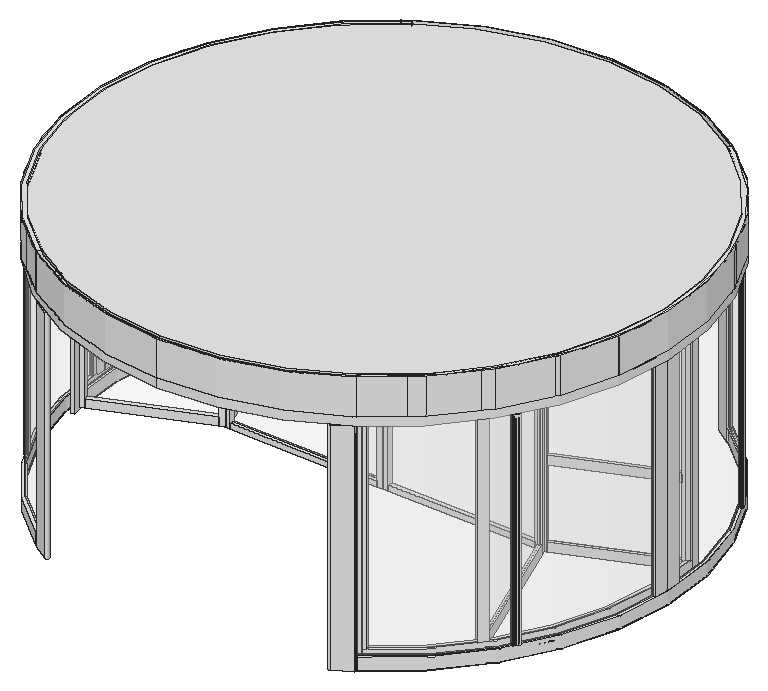
Revit family "Assa-Abloy_ Revolving_UniTurn", category Doors, host Wall, Revit 2019
Family settings
  Host = Wall
  OmniClass Number = 23.30.10.00
  OmniClass Title = Doors
  Always vertical = Yes
  Cut with Voids When Loaded = No
  Shared = No
  Room Calculation Point = No
Parameters (values of type "UniTurn 18'")
  Youtube clip = ""
  Weight Net (Kg) = "0"
  URL = "www.assaabloyentrance.us"
  UNSPSC Code = "301715"
  Top Height Calc [instance] = if(Adjustable Top Height > 1' 1 3/8", if(Adjustable Top Height < 4' 1 7/32", Adjustable Top Height, 4' 1 7/32"), 1' 1 3/8")  # 1' - 1 1/2"
  Ref line width [instance] = (TW + 1' 1 3/8") / 2  # 4' - 11 13/16"
  Product name = "Besam Revolving Doors UniTurn"
  NBS Reference Code = "25-30-20-70"
  Model = "UniTurn"
  Material secondary = "Glass"
  Material main = "Aluminium"
  Manufacturer name = "Besam"
  Manufacturer = "ASSA ABLOY Entrance Systems"
  Frame angle = 31.25°
  Radius 4 = Radius 3 + 0' 0 1/16"  # 8' - 11 25/32"
  EAN code = ""
  Distance 1 = Radius 1 - 0' 0 1/16"  # 8' - 10 3/32"
  Width (mm) = 0' - 0"
  WarrantyStartDate = ""
  WarrantyDuration = ""
  Uniclass 2.0 Description = "Revolving Doorset Systems"
  Uniclass 2.0 Code = "SS-25-30-20-70"
  Uniclass 1.4 Description = "Doors"
  Uniclass 1.4 Code = "L411"
  UNSPSC Category = ""
  TypeName = ""
  Technical description = ""
  TagNumber = ""
  TW = 8' - 10 1/4"
  Size = ""
  SerialNumber = ""
  Door Opening Angle [instance] = 0.00°
  Door Open [instance] = yes
  Distance = 0' - 6 11/16"
  Disclaimer = "Consult product specification for sensors to comply with ANSI A156.27."
  Deep Tight Rail [instance] = no
  Deep Bottom Rail [instance] = not(Deep Tight Rail)  # yes
  DOA [instance] = 0.00°
  Rotation Angle [instance] = if(Door Open, 0.00°, -67.50°)  # 0.00°
  Radius 1 = Radius 3 - 0' 1 9/16"  # 8' - 10 5/32"
  Product group = "Besam Large 2-wing UniTurn"
  Product family = "Automatic Revolving Doors"
  Product SKU = "UNI"
  Omniclass = ""
  NominalWidth = ""
  NominalHeight = ""
  Name of the object = "UniTurn"
  NBS Reference Description = "Revolving Doorset Systems"
  Material = ""
  Manufacturer country = "Czech Republic"
  Manufacturer URL = ""
  InstallationDate = ""
  Installation instructions = ""
  IFC Classification = "Door"
  Height (mm) = 0' - 0"
  Grade = ""
  Finish = ""
  Features = ""
  Extidentifier = ""
  Edition number = "1"
  Door Glass Material [instance] = Besam-Glass Clear
  Door Frame Material [instance] = Besam-Anodized Aluminium
  Design country = "Sweden"
  Depth (mm) = 0' - 0"
  Date of publishing = "3/28/2014"
  Function = Exterior
  Height [instance] = if(Adjustable Height > 6' 6 3/4", if(Adjustable Height < 8' 6 3/8", Adjustable Height, 8' 6 3/8"), 6' 6 3/4")  # 7' - 2 1/2"
  Wall Closure = By host
  Width = 17' - 11 3/4"
  Radius 2 = Radius 3 + 0' 0 1/8"  # 8' - 11 27/32"
  Radius 3 = (Width - 0' 0 5/16") / 2  # 8' - 11 23/32"
  DR Distance [instance] = Radius 1 - 0' 3.93701"  # 8' - 6.21924"
  Created on = ""
  Created by = ""
  Construction Type = "Automatic Revolving Door"
  ConnectionType = ""
  Colour = ""
  COBIe Type Category = ""
  Barcode = ""
  BIMobject category = "Doors"
  AssetIdentifier = ""
  Analytic Construction = "<None>"
  Adjustable Top Height [instance] = 1' - 1 1/2"
  Adjustable Height [instance] = 7' - 2 1/2"
  AccessibilityPerformance = ""
Reference planes
  plane 1: y = 0
  plane 2 "Center (Left/Right)": x = 0
  plane 3 "Left": x = -2740.025
  plane 4 "Right": x = 2740.025
  plane 5: z = 2540
  plane 6 "Exterior": y = 24.05
  plane 7 "Interior": y = -24.05
  plane 8: x = -1349.375
  plane 9: x = 1349.375
  plane 10: x = -1519.238
  plane 11: x = 1519.237
  plane 12: z = 2197.1
  plane 13: z = 2117.1
  plane 14: z = 52
  plane 15: z = 800
Forms (mm)
  Sweep 1, solid, material "Besam-Anodized Aluminium" <- "Door Frame Material"
    path origin (0, 0, 0) x (1, 0, 0) y (0, 1, 0)
      loop
        arc (-1519.238, 2227.627) -> (-2696.369, 0) -> (-1519.238, -2227.627) r 2696.369
    profile origin (-2696.369, 0, 0) x (1, 0, 0) y (0, 0, 1)
      loop
        line (0, 7.975) -> (0, 124.377) -> (-8.5, 124.377) -> (-8.5, 111.495) -> (-14.621, 111.455) -> (-14.621, 124.377) -> (-39.502, 124.377)
        arc (-39.502, 124.377) -> (-39.854, 124.231) -> (-40, 123.879) r 0.498
        line (-40, 123.879) -> (-40, 4.975) -> (-33.93, 4.975) -> (-33.93, 2.985)
        arc (-33.93, 2.985) -> (-33.733, 2.39) -> (-33.219, 2.031) r 0.995
        line (-33.219, 2.031) -> (-33.219, 0) -> (-7.025, 0) -> (-7.025, 1.912)
        arc (-7.025, 1.912) -> (-6.342, 2.194) -> (-6.06, 2.877) r 0.965
        line (-6.06, 2.877) -> (-6.06, 4.975) -> (-4, 4.975) -> (-4, 7.975) -> (0, 7.975)
  Sweep 2, solid, material "Besam-Glass Clear" <- "Door Glass Material"
    path origin (0, 0, 0) x (1, 0, 0) y (0, 1, 0)
      loop
        arc (-1516.49, 2229.499) -> (-2696.369, 0) -> (-1516.49, -2229.499) r 2696.369
    profile origin (-2696.369, 0, 0) x (1, 0, 0) y (0, 0, 1)
      loop
        line (-17.986, 111.455) -> (-8.486, 111.455) -> (-8.486, 2132.1) -> (-17.986, 2132.1) -> (-17.986, 111.455)
  Extrusion 3, solid, material "Besam-Anodized Aluminium" <- "Door Frame Material"
    sketch origin (0, 0, 2540) x (0, -1, 0) y (-1, 0, 0)
      loop
        circle (0, 0) r 2739.231
      loop
        circle (0, 0) r 2737.644
    from 0 to 342.9
  Sweep 4, solid, material "Besam-Anodized Aluminium" <- "Door Frame Material"
    path in 3D
      loop
        arc (-1519.238, 2227.627, 124.377) -> (-2696.369, 0, 124.377) -> (-1519.238, -2227.627, 124.377) r 2696.369
    profile origin (-2696.369, 0, 124.377) x (0, 0, -1) y (1, 0, 0)
      loop
        line (-2415.623, -43.656) -> (-2072.723, -43.656) -> (-2072.723, 11) -> (-2152.723, 11) -> (-2152.723, 165) -> (-2177.723, 165) -> (-2177.723, 105) -> (-2334.912, 105) -> (-2334.912, 165) -> (-2359.912, 165) -> (-2359.912, 15) -> (-2399.515, 15) -> (-2399.515, -0.028) -> (-2415.623, -0.028) -> (-2415.623, -43.656)
  Sweep 5, solid, material "Besam-Anodized Aluminium" <- "Door Frame Material"
    path origin (0, 0, 0) x (-1, 0, 0) y (0, 1, 0)
      loop
        arc (-1519.238, 2227.627) -> (-2696.369, 0) -> (-1519.237, -2227.627) r 2696.369
    profile origin (2696.369, 0, 0) x (1, 0, 0) y (0, 0, 1)
      loop
        line (0, 7.975) -> (4, 7.975) -> (4, 4.975) -> (6.06, 4.975) -> (6.06, 2.877)
        arc (6.06, 2.877) -> (6.342, 2.194) -> (7.025, 1.912) r 0.965
        line (7.025, 1.912) -> (7.025, 0) -> (33.219, 0) -> (33.219, 2.031)
        arc (33.219, 2.031) -> (33.733, 2.39) -> (33.93, 2.985) r 0.995
        line (33.93, 2.985) -> (33.93, 4.975) -> (40, 4.975) -> (40, 123.879)
        arc (40, 123.879) -> (39.854, 124.231) -> (39.502, 124.377) r 0.498
        line (39.502, 124.377) -> (14.621, 124.377) -> (14.621, 111.455) -> (8.5, 111.495) -> (8.5, 124.377) -> (0, 124.377) -> (0, 7.975)
  Sweep 6, solid, material "Besam-Glass Clear" <- "Door Glass Material"
    path origin (0, 0, 0) x (-1, 0, 0) y (0, 1, 0)
      loop
        arc (-1519.238, 2227.627) -> (-2696.369, 0) -> (-1519.237, -2227.627) r 2696.369
    profile origin (2696.369, 0, 0) x (1, 0, 0) y (0, 0, 1)
      loop
        line (18, 111.495) -> (18, 2132.1) -> (8.5, 2132.1) -> (8.5, 111.495) -> (18, 111.495)
  Extrusion 7, solid, material "Besam-Anodized Aluminium" <- "Door Frame Material"
    sketch origin (0, 0, 2540) x (0, -1, 0) y (-1, 0, 0)
      loop
        circle (0, 0) r 2694.781
    from 16 to 0
  Extrusion 8, solid, material "Besam-Anodized Aluminium" <- "Door Frame Material"
    sketch origin (0, 0, 2540) x (0, -1, 0) y (-1, 0, 0)
      loop
        circle (0, 0) r 2694.781
    from 316.9 to 342.9
  Sweep 9, solid, material "Besam-Anodized Aluminium" <- "Door Frame Material"
    path origin (0, 0, 0) x (-0.866025, 0.5, 0) y (0, 0, 1)
      loop
        line (2696.369, 124.377) -> (2696.369, 2117.1)
    profile origin (-2335.124, 1348.184, 1120.738) x (0.866025, -0.5, 0) y (0.5, 0.866025, 0)
      loop
        arc (-31.996, 2.248) -> (-31.71, 2.821) -> (-31.83, 3.451) r 1
        line (-31.83, 3.451) -> (-32.868, 5.285) -> (-34.981, 5.303)
        arc (-34.981, 5.303) -> (-37.094, 6.2) -> (-37.955, 8.329) r 3
        line (-37.955, 8.329) -> (-37.806, 25.329)
        arc (-37.806, 25.329) -> (-36.041, 27.063) -> (-34.306, 25.298) r 1.75
        arc (-34.306, 25.298) -> (-34.002, 23.632) -> (-33.103, 22.196) r 4.5
        arc (-33.103, 22.196) -> (-32.278, 21.881) -> (-31.525, 22.342) r 1
        arc (-31.525, 22.342) -> (-31.46, 22.861) -> (-31.781, 23.274) r 0.683
        arc (-31.781, 23.274) -> (-32.116, 23.676) -> (-32.371, 24.134) r 2.8
        arc (-32.371, 24.134) -> (-32.063, 26.917) -> (-29.499, 28.042) r 2.8
        arc (-29.499, 28.042) -> (-27.369, 26.637) -> (-27.263, 24.088) r 2.8
        arc (-27.263, 24.088) -> (-27.527, 23.633) -> (-27.872, 23.235) r 2.8
        arc (-27.872, 23.235) -> (-28.208, 22.849) -> (-28.155, 22.34) r 0.641
        arc (-28.155, 22.34) -> (-27.41, 21.84) -> (-26.564, 22.139) r 1
        arc (-26.564, 22.139) -> (-25.64, 23.559) -> (-25.307, 25.22) r 4.5
        line (-25.307, 25.22) -> (-25.296, 26.42)
        arc (-25.296, 26.42) -> (-24.698, 27.829) -> (-23.279, 28.402) r 2
        line (-23.279, 28.402) -> (-19.279, 28.367) -> (-19.263, 30.167) -> (-39.763, 30.346) -> (-40.286, -29.652) -> (-19.787, -29.831) -> (-19.771, -28.031) -> (-23.771, -27.996)
        arc (-23.771, -27.996) -> (-25.18, -27.398) -> (-25.753, -25.978) r 2
        line (-25.753, -25.978) -> (-25.743, -24.779)
        arc (-25.743, -24.779) -> (-26.047, -23.112) -> (-26.946, -21.676) r 4.5
        arc (-26.946, -21.676) -> (-27.787, -21.363) -> (-28.541, -21.849) r 1
        arc (-28.541, -21.849) -> (-28.602, -22.335) -> (-28.301, -22.722) r 0.64
        arc (-28.301, -22.722) -> (-27.707, -25.927) -> (-30.549, -27.522) r 2.8
        arc (-30.549, -27.522) -> (-32.68, -26.119) -> (-32.787, -23.57) r 2.8
        arc (-32.787, -23.57) -> (-32.508, -23.094) -> (-32.142, -22.681) r 2.8
        arc (-32.142, -22.681) -> (-31.84, -22.253) -> (-31.945, -21.739) r 0.661
        arc (-31.945, -21.739) -> (-32.687, -21.315) -> (-33.485, -21.619) r 1
        arc (-33.485, -21.619) -> (-34.409, -23.039) -> (-34.743, -24.7) r 4.5
        arc (-34.743, -24.7) -> (-36.508, -26.435) -> (-38.243, -24.669) r 1.75
        line (-38.243, -24.669) -> (-38.094, -7.67)
        arc (-38.094, -7.67) -> (-37.197, -5.556) -> (-35.068, -4.696) r 3
        line (-35.068, -4.696) -> (-5.065, -4.958) -> (-5.073, -3.632) -> (-7.496, -0.635) -> (-10.532, -0.61)
        arc (-10.532, -0.61) -> (-10.886, -0.753) -> (-11.036, -1.105) r 0.5
        arc (-11.036, -1.105) -> (-10.893, -1.46) -> (-10.54, -1.61) r 0.5
        line (-10.54, -1.61) -> (-9.44, -1.619)
        arc (-9.44, -1.619) -> (-9.088, -1.769) -> (-8.945, -2.124) r 0.5
        line (-8.945, -2.124) -> (-8.952, -2.924)
        arc (-8.952, -2.924) -> (-9.101, -3.276) -> (-9.456, -3.42) r 0.5
        line (-9.456, -3.42) -> (-14.056, -3.38)
        arc (-14.056, -3.38) -> (-14.76, -3.081) -> (-15.047, -2.371) r 1
        line (-15.047, -2.371) -> (-15.003, 2.629)
        arc (-15.003, 2.629) -> (-14.704, 3.333) -> (-13.995, 3.62) r 1
        line (-13.995, 3.62) -> (-4.995, 3.542) -> (-4.982, 5.041) -> (-17.095, 5.147) -> (-18.164, 3.331)
        arc (-18.164, 3.331) -> (-18.296, 2.704) -> (-18.019, 2.126) r 1
        arc (-18.019, 2.126) -> (-17.534, -1.105) -> (-20.441, -2.596) r 2.8
        arc (-20.441, -2.596) -> (-22.686, -0.698) -> (-21.997, 2.161) r 2.8
        arc (-21.997, 2.161) -> (-21.71, 2.734) -> (-21.83, 3.363) r 1
        line (-21.83, 3.363) -> (-22.868, 5.198) -> (-27.094, 5.234) -> (-28.164, 3.419)
        arc (-28.164, 3.419) -> (-28.295, 2.791) -> (-28.019, 2.213) r 1
        arc (-28.019, 2.213) -> (-27.465, -0.876) -> (-30.128, -2.538) r 2.8
        arc (-30.128, -2.538) -> (-32.633, -0.758) -> (-31.996, 2.248) r 2.8
      loop
        line (-1.795, 23.469) -> (-1.985, 1.715)
        arc (-1.985, 1.715) -> (-2.284, 1.011) -> (-2.994, 0.724) r 1
        line (-2.994, 0.724) -> (-11.193, 0.796)
        arc (-11.193, 0.796) -> (-11.971, 0.435) -> (-12.184, -0.396) r 1
        line (-12.184, -0.396) -> (-3.004, -0.476)
        arc (-3.004, -0.476) -> (-2.3, -0.775) -> (-2.013, -1.485) r 1
        line (-2.013, -1.485) -> (-2.205, -23.484) -> (-2.716, -24.747) -> (-1.731, -26.488) -> (-1.74, -27.488) -> (-2.74, -27.479) -> (-2.762, -29.979) -> (-0.262, -30.001) -> (0.262, 30.001) -> (-2.238, 29.986) -> (-2.26, 27.514) -> (-1.26, 27.52) -> (-1.269, 26.51) -> (-2.284, 24.787) -> (-1.795, 23.469)
  Sweep 10, solid, material "Besam-Anodized Aluminium" <- "Door Frame Material"
    path origin (0, 0, 0) x (-1, 0, 0) y (0, 0, 1)
      loop
        line (2696.369, 124.377) -> (2696.369, 2117.1)
    profile origin (-2696.369, 0, 1120.738) x (1, 0, 0) y (0, 1, 0)
      loop
        line (-27.512, 115.771) -> (-26.581, 134.103) -> (-8.438, 133.226) -> (-8.341, 135.23) -> (-28.617, 136.21)
        arc (-28.617, 136.21) -> (-31.452, 68.48) -> (-32.382, 0.697) r 2447.41
        arc (-32.382, 0.697) -> (-32.177, 0.204) -> (-31.685, 0) r 0.697
        arc (-31.685, 0) -> (-32.177, -0.204) -> (-32.41, -0.697) r 0.697
        arc (-32.41, -0.697) -> (-31.452, -68.48) -> (-28.617, -136.21) r 2447.41
        line (-28.617, -136.21) -> (-8.341, -135.23) -> (-8.438, -133.226) -> (-24.582, -134.006)
        arc (-24.582, -134.006) -> (-26.023, -133.492) -> (-26.682, -132.111) r 2.006
        line (-26.682, -132.111) -> (-27.512, -115.771) -> (-21.801, -115.495) -> (-21.691, -117.799) -> (3.807, -116.567) -> (4.57, -115.726) -> (4.361, -111.418) -> (5.696, -109.948) -> (5.599, -107.944) -> (8.304, -107.813) -> (8.987, -116.324) -> (10.523, -116.324)
        arc (10.523, -116.324) -> (8.423, -58.527) -> (7.711, -0.697) r 2407.288
        arc (7.711, -0.697) -> (7.507, -0.204) -> (7.014, 0) r 0.697
        arc (7.014, 0) -> (7.507, 0.204) -> (7.711, 0.697) r 0.697
        arc (7.711, 0.697) -> (8.422, 58.486) -> (10.519, 116.242) r 2407.288
        line (10.519, 116.242) -> (8.987, 116.316) -> (8.304, 107.813) -> (4.197, 108.012) -> (4.608, 116.528) -> (-21.691, 117.799) -> (-21.801, 115.495) -> (-27.512, 115.771)
      loop
        line (9.399, 134.241) -> (8.494, 119.613) -> (6.817, 119.725) -> (6.116, 108.386) -> (7.248, 108.235) -> (7.809, 113.313) -> (8.45, 116.936) -> (10.619, 116.791) -> (11.688, 134.058) -> (9.399, 134.241)
      loop
        line (-24.386, -3.009) -> (-0.313, -3.009) -> (1.693, -5.015) -> (4.702, -5.015) -> (4.702, -2.006) -> (3.699, -2.006) -> (3.699, -1.003) -> (4.823, 0) -> (3.699, 1.003) -> (3.699, 2.006) -> (4.702, 2.006) -> (4.702, 5.015) -> (1.693, 5.015) -> (-0.313, 3.009) -> (-24.386, 3.009) -> (-26.392, 5.015) -> (-29.401, 5.015) -> (-29.401, 2.006) -> (-28.398, 2.006) -> (-28.398, 1.003) -> (-29.313, 0) -> (-28.398, -1.003) -> (-28.398, -2.006) -> (-29.401, -2.006) -> (-29.401, -5.015) -> (-26.392, -5.015) -> (-24.386, -3.009)
      loop
        line (6.817, -119.725) -> (8.494, -119.613) -> (9.399, -134.241) -> (11.688, -134.058) -> (10.619, -116.791) -> (8.45, -116.936) -> (7.809, -113.313) -> (7.248, -108.235) -> (6.116, -108.386) -> (6.817, -119.725)
  Sweep 11, solid, material "Besam-Anodized Aluminium" <- "Door Frame Material"
    path origin (0, 0, 0) x (-0.866025, -0.5, 0) y (0, 0, 1)
      loop
        line (2696.369, 124.377) -> (2696.369, 2117.1)
    profile origin (-2335.124, -1348.184, 1120.738) x (0.866025, 0.5, 0) y (-0.5, 0.866025, 0)
      loop
        arc (-31.967, 3.069) -> (-31.677, 3.64) -> (-31.794, 4.27) r 1
        line (-31.794, 4.27) -> (-32.82, 6.11) -> (-34.933, 6.141)
        arc (-34.933, 6.141) -> (-37.042, 7.051) -> (-37.889, 9.185) r 3
        line (-37.889, 9.185) -> (-37.639, 26.183)
        arc (-37.639, 26.183) -> (-35.863, 27.908) -> (-34.139, 26.132) r 1.75
        arc (-34.139, 26.132) -> (-33.845, 24.464) -> (-32.955, 23.022) r 4.5
        arc (-32.955, 23.022) -> (-32.132, 22.702) -> (-31.376, 23.159) r 1
        arc (-31.376, 23.159) -> (-31.308, 23.678) -> (-31.626, 24.092) r 0.683
        arc (-31.626, 24.092) -> (-31.959, 24.497) -> (-32.211, 24.956) r 2.8
        arc (-32.211, 24.956) -> (-31.886, 27.737) -> (-29.315, 28.847) r 2.8
        arc (-29.315, 28.847) -> (-27.194, 27.429) -> (-27.103, 24.88) r 2.8
        arc (-27.103, 24.88) -> (-27.37, 24.426) -> (-27.717, 24.03) r 2.8
        arc (-27.717, 24.03) -> (-28.056, 23.646) -> (-28.006, 23.137) r 0.641
        arc (-28.006, 23.137) -> (-27.264, 22.633) -> (-26.416, 22.926) r 1
        arc (-26.416, 22.926) -> (-25.484, 24.341) -> (-25.14, 26) r 4.5
        line (-25.14, 26) -> (-25.123, 27.199)
        arc (-25.123, 27.199) -> (-24.516, 28.605) -> (-23.093, 29.17) r 2
        line (-23.093, 29.17) -> (-19.094, 29.111) -> (-19.067, 30.911) -> (-39.565, 31.212) -> (-40.448, -28.781) -> (-19.95, -29.083) -> (-19.923, -27.283) -> (-23.923, -27.224)
        arc (-23.923, -27.224) -> (-25.328, -26.618) -> (-25.893, -25.195) r 2
        line (-25.893, -25.195) -> (-25.876, -23.995)
        arc (-25.876, -23.995) -> (-26.17, -22.327) -> (-27.06, -20.885) r 4.5
        arc (-27.06, -20.885) -> (-27.899, -20.567) -> (-28.656, -21.049) r 1
        arc (-28.656, -21.049) -> (-28.72, -21.535) -> (-28.421, -21.923) r 0.64
        arc (-28.421, -21.923) -> (-27.847, -25.132) -> (-30.698, -26.71) r 2.8
        arc (-30.698, -26.71) -> (-32.82, -25.294) -> (-32.912, -22.744) r 2.8
        arc (-32.912, -22.744) -> (-32.631, -22.27) -> (-32.262, -21.86) r 2.8
        arc (-32.262, -21.86) -> (-31.957, -21.433) -> (-32.06, -20.919) r 0.661
        arc (-32.06, -20.919) -> (-32.799, -20.49) -> (-33.599, -20.789) r 1
        arc (-33.599, -20.789) -> (-34.531, -22.204) -> (-34.875, -23.863) r 4.5
        arc (-34.875, -23.863) -> (-36.65, -25.587) -> (-38.374, -23.811) r 1.75
        line (-38.374, -23.811) -> (-38.124, -6.813)
        arc (-38.124, -6.813) -> (-37.215, -4.705) -> (-35.081, -3.857) r 3
        line (-35.081, -3.857) -> (-5.079, -4.299) -> (-5.079, -2.973) -> (-7.484, 0.039) -> (-10.52, 0.082)
        arc (-10.52, 0.082) -> (-10.876, -0.059) -> (-11.027, -0.41) r 0.5
        arc (-11.027, -0.41) -> (-10.886, -0.766) -> (-10.535, -0.917) r 0.5
        line (-10.535, -0.917) -> (-9.435, -0.934)
        arc (-9.435, -0.934) -> (-9.083, -1.085) -> (-8.942, -1.441) r 0.5
        line (-8.942, -1.441) -> (-8.954, -2.242)
        arc (-8.954, -2.242) -> (-9.106, -2.593) -> (-9.461, -2.734) r 0.5
        line (-9.461, -2.734) -> (-14.061, -2.666)
        arc (-14.061, -2.666) -> (-14.763, -2.363) -> (-15.046, -1.652) r 1
        line (-15.046, -1.652) -> (-14.972, 3.348)
        arc (-14.972, 3.348) -> (-14.669, 4.05) -> (-13.958, 4.333) r 1
        line (-13.958, 4.333) -> (-4.959, 4.2) -> (-4.937, 5.7) -> (-17.049, 5.878) -> (-18.129, 4.069)
        arc (-18.129, 4.069) -> (-18.264, 3.443) -> (-17.991, 2.863) r 1
        arc (-17.991, 2.863) -> (-17.525, -0.371) -> (-20.441, -1.845) r 2.8
        arc (-20.441, -1.845) -> (-22.675, 0.067) -> (-21.968, 2.921) r 2.8
        arc (-21.968, 2.921) -> (-21.678, 3.493) -> (-21.795, 4.123) r 1
        line (-21.795, 4.123) -> (-22.822, 5.963) -> (-27.048, 6.025) -> (-28.128, 4.216)
        arc (-28.128, 4.216) -> (-28.263, 3.59) -> (-27.99, 3.01) r 1
        arc (-27.99, 3.01) -> (-27.455, -0.083) -> (-30.127, -1.729) r 2.8
        arc (-30.127, -1.729) -> (-32.622, 0.066) -> (-31.967, 3.069) r 2.8
      loop
        line (-1.64, 24.108) -> (-1.96, 2.356)
        arc (-1.96, 2.356) -> (-2.263, 1.653) -> (-2.974, 1.371) r 1
        line (-2.974, 1.371) -> (-11.173, 1.492)
        arc (-11.173, 1.492) -> (-11.953, 1.135) -> (-12.171, 0.306) r 1
        line (-12.171, 0.306) -> (-2.992, 0.171)
        arc (-2.992, 0.171) -> (-2.289, -0.132) -> (-2.007, -0.844) r 1
        line (-2.007, -0.844) -> (-2.33, -22.841) -> (-2.849, -24.102) -> (-1.875, -25.848) -> (-1.889, -26.848) -> (-2.889, -26.833) -> (-2.926, -29.333) -> (-0.426, -29.37) -> (0.456, 30.628) -> (-2.044, 30.628) -> (-2.08, 28.156) -> (-1.08, 28.156) -> (-1.095, 27.146) -> (-2.12, 25.429) -> (-1.64, 24.108)
  Sweep 12, solid, material "Besam-Anodized Aluminium" <- "Door Frame Material"
    path origin (0, 0, 0) x (1, 0, 0) y (0, 0, 1)
      loop
        line (2696.369, 124.377) -> (2696.369, 2117.1)
    profile origin (2696.369, 0, 1120.738) x (-1, 0, 0) y (0, -1, 0)
      loop
        line (-27.308, -115.567) -> (-21.597, -115.291) -> (-21.487, -117.596) -> (4.812, -116.324) -> (4.4, -107.808) -> (8.507, -107.61) -> (9.19, -116.113) -> (10.723, -116.039)
        arc (10.723, -116.039) -> (8.625, -58.283) -> (7.915, -0.493) r 2407.288
        arc (7.915, -0.493) -> (7.711, -0.001) -> (7.218, 0.204) r 0.697
        arc (7.218, 0.204) -> (7.711, 0.408) -> (7.915, 0.9) r 0.697
        arc (7.915, 0.9) -> (8.626, 58.731) -> (10.727, 116.528) r 2407.288
        line (10.727, 116.528) -> (9.19, 116.528) -> (8.508, 108.017) -> (5.803, 108.148) -> (5.9, 110.152) -> (4.565, 111.622) -> (4.773, 115.93) -> (4.01, 116.77) -> (-21.487, 118.003) -> (-21.597, 115.698) -> (-27.308, 115.975) -> (-26.479, 132.315)
        arc (-26.479, 132.315) -> (-25.82, 133.695) -> (-24.379, 134.21) r 2.006
        line (-24.379, 134.21) -> (-8.234, 133.429) -> (-8.137, 135.433) -> (-28.413, 136.413)
        arc (-28.413, 136.413) -> (-31.258, 68.335) -> (-32.207, 0.204) r 2447.41
        arc (-32.207, 0.204) -> (-31.258, -67.928) -> (-28.413, -136.006) r 2447.41
        line (-28.413, -136.006) -> (-8.137, -135.026) -> (-8.234, -133.022) -> (-26.378, -133.899) -> (-27.308, -115.567)
      loop
        line (9.603, -134.037) -> (11.891, -133.855) -> (10.823, -116.587) -> (8.653, -116.732) -> (8.013, -113.109) -> (7.452, -108.032) -> (6.319, -108.182) -> (7.021, -119.521) -> (8.698, -119.409) -> (9.603, -134.037)
      loop
        line (-24.182, 3.213) -> (-26.189, 5.219) -> (-29.198, 5.219) -> (-29.198, 2.21) -> (-28.195, 2.21) -> (-28.195, 1.207) -> (-29.11, 0.204) -> (-28.195, -0.799) -> (-28.195, -1.803) -> (-29.198, -1.803) -> (-29.198, -4.812) -> (-26.189, -4.812) -> (-24.182, -2.806) -> (-0.11, -2.806) -> (1.896, -4.812) -> (4.906, -4.812) -> (4.906, -1.803) -> (3.903, -1.803) -> (3.903, -0.799) -> (5.027, 0.204) -> (3.903, 1.207) -> (3.903, 2.21) -> (4.906, 2.21) -> (4.906, 5.219) -> (1.896, 5.219) -> (-0.11, 3.213) -> (-24.182, 3.213)
      loop
        line (7.021, 119.929) -> (6.319, 108.589) -> (7.452, 108.439) -> (8.013, 113.517) -> (8.653, 117.139) -> (10.823, 116.994) -> (11.891, 134.262) -> (9.603, 134.444) -> (8.698, 119.816) -> (7.021, 119.929)
  Sweep 13, solid, material "Besam-Anodized Aluminium" <- "Door Frame Material"
    path origin (0, 0, 0) x (0.866025, 0.5, 0) y (0, 0, 1)
      loop
        line (2696.369, 124.377) -> (2696.369, 2117.1)
    profile origin (2335.124, 1348.184, 1120.738) x (-0.866025, -0.5, 0) y (0.5, -0.866025, 0)
      loop
        arc (-31.996, -2.248) -> (-32.633, 0.758) -> (-30.128, 2.538) r 2.8
        arc (-30.128, 2.538) -> (-27.465, 0.876) -> (-28.019, -2.213) r 2.8
        arc (-28.019, -2.213) -> (-28.295, -2.791) -> (-28.164, -3.419) r 1
        line (-28.164, -3.419) -> (-27.094, -5.234) -> (-22.868, -5.198) -> (-21.83, -3.363)
        arc (-21.83, -3.363) -> (-21.71, -2.734) -> (-21.997, -2.161) r 1
        arc (-21.997, -2.161) -> (-22.686, 0.698) -> (-20.441, 2.596) r 2.8
        arc (-20.441, 2.596) -> (-17.534, 1.105) -> (-18.019, -2.126) r 2.8
        arc (-18.019, -2.126) -> (-18.296, -2.704) -> (-18.164, -3.331) r 1
        line (-18.164, -3.331) -> (-17.095, -5.147) -> (-4.982, -5.041) -> (-4.995, -3.542) -> (-13.995, -3.62)
        arc (-13.995, -3.62) -> (-14.704, -3.333) -> (-15.003, -2.629) r 1
        line (-15.003, -2.629) -> (-15.047, 2.371)
        arc (-15.047, 2.371) -> (-14.76, 3.081) -> (-14.056, 3.38) r 1
        line (-14.056, 3.38) -> (-9.456, 3.42)
        arc (-9.456, 3.42) -> (-9.101, 3.276) -> (-8.952, 2.924) r 0.5
        line (-8.952, 2.924) -> (-8.945, 2.124)
        arc (-8.945, 2.124) -> (-9.088, 1.769) -> (-9.44, 1.619) r 0.5
        line (-9.44, 1.619) -> (-10.54, 1.61)
        arc (-10.54, 1.61) -> (-10.893, 1.46) -> (-11.036, 1.105) r 0.5
        arc (-11.036, 1.105) -> (-10.886, 0.753) -> (-10.532, 0.61) r 0.5
        line (-10.532, 0.61) -> (-7.496, 0.635) -> (-5.073, 3.632) -> (-5.065, 4.958) -> (-35.068, 4.696)
        arc (-35.068, 4.696) -> (-37.197, 5.556) -> (-38.094, 7.67) r 3
        line (-38.094, 7.67) -> (-38.243, 24.669)
        arc (-38.243, 24.669) -> (-36.508, 26.435) -> (-34.743, 24.7) r 1.75
        arc (-34.743, 24.7) -> (-34.409, 23.039) -> (-33.485, 21.619) r 4.5
        arc (-33.485, 21.619) -> (-32.687, 21.315) -> (-31.945, 21.739) r 1
        arc (-31.945, 21.739) -> (-31.84, 22.253) -> (-32.142, 22.681) r 0.661
        arc (-32.142, 22.681) -> (-32.508, 23.094) -> (-32.787, 23.57) r 2.8
        arc (-32.787, 23.57) -> (-32.68, 26.119) -> (-30.549, 27.522) r 2.8
        arc (-30.549, 27.522) -> (-27.707, 25.927) -> (-28.301, 22.722) r 2.8
        arc (-28.301, 22.722) -> (-28.602, 22.335) -> (-28.541, 21.849) r 0.64
        arc (-28.541, 21.849) -> (-27.787, 21.363) -> (-26.946, 21.676) r 1
        arc (-26.946, 21.676) -> (-26.047, 23.112) -> (-25.743, 24.779) r 4.5
        line (-25.743, 24.779) -> (-25.753, 25.978)
        arc (-25.753, 25.978) -> (-25.18, 27.398) -> (-23.771, 27.996) r 2
        line (-23.771, 27.996) -> (-19.771, 28.031) -> (-19.787, 29.831) -> (-40.286, 29.652) -> (-39.763, -30.346) -> (-19.263, -30.167) -> (-19.279, -28.367) -> (-23.279, -28.402)
        arc (-23.279, -28.402) -> (-24.698, -27.829) -> (-25.296, -26.42) r 2
        line (-25.296, -26.42) -> (-25.307, -25.22)
        arc (-25.307, -25.22) -> (-25.64, -23.559) -> (-26.564, -22.139) r 4.5
        arc (-26.564, -22.139) -> (-27.41, -21.84) -> (-28.155, -22.34) r 1
        arc (-28.155, -22.34) -> (-28.208, -22.849) -> (-27.872, -23.235) r 0.641
        arc (-27.872, -23.235) -> (-27.527, -23.633) -> (-27.263, -24.088) r 2.8
        arc (-27.263, -24.088) -> (-27.369, -26.637) -> (-29.499, -28.042) r 2.8
        arc (-29.499, -28.042) -> (-32.063, -26.917) -> (-32.371, -24.134) r 2.8
        arc (-32.371, -24.134) -> (-32.116, -23.676) -> (-31.781, -23.274) r 2.8
        arc (-31.781, -23.274) -> (-31.46, -22.861) -> (-31.525, -22.342) r 0.683
        arc (-31.525, -22.342) -> (-32.278, -21.881) -> (-33.103, -22.196) r 1
        arc (-33.103, -22.196) -> (-34.002, -23.632) -> (-34.306, -25.298) r 4.5
        arc (-34.306, -25.298) -> (-36.041, -27.063) -> (-37.806, -25.329) r 1.75
        line (-37.806, -25.329) -> (-37.955, -8.329)
        arc (-37.955, -8.329) -> (-37.094, -6.2) -> (-34.981, -5.303) r 3
        line (-34.981, -5.303) -> (-32.868, -5.285) -> (-31.83, -3.451)
        arc (-31.83, -3.451) -> (-31.71, -2.821) -> (-31.996, -2.248) r 1
      loop
        line (-1.795, -23.469) -> (-2.284, -24.787) -> (-1.269, -26.51) -> (-1.26, -27.52) -> (-2.26, -27.514) -> (-2.238, -29.986) -> (0.262, -30.001) -> (-0.262, 30.001) -> (-2.762, 29.979) -> (-2.74, 27.479) -> (-1.74, 27.488) -> (-1.731, 26.488) -> (-2.716, 24.747) -> (-2.205, 23.484) -> (-2.013, 1.485)
        arc (-2.013, 1.485) -> (-2.3, 0.775) -> (-3.004, 0.476) r 1
        line (-3.004, 0.476) -> (-12.184, 0.396)
        arc (-12.184, 0.396) -> (-11.971, -0.435) -> (-11.193, -0.796) r 1
        line (-11.193, -0.796) -> (-2.994, -0.724)
        arc (-2.994, -0.724) -> (-2.284, -1.011) -> (-1.985, -1.715) r 1
        line (-1.985, -1.715) -> (-1.795, -23.469)
  Sweep 14, solid, material "Besam-Anodized Aluminium" <- "Door Frame Material"
    path origin (0, 0, 0) x (0.866025, -0.5, 0) y (0, 0, 1)
      loop
        line (2696.369, 124.377) -> (2696.369, 2117.1)
    profile origin (2335.124, -1348.184, 1120.738) x (-0.866025, 0.5, 0) y (-0.5, -0.866025, 0)
      loop
        arc (-31.967, -3.069) -> (-32.622, -0.066) -> (-30.127, 1.729) r 2.8
        arc (-30.127, 1.729) -> (-27.455, 0.083) -> (-27.99, -3.01) r 2.8
        arc (-27.99, -3.01) -> (-28.263, -3.59) -> (-28.128, -4.216) r 1
        line (-28.128, -4.216) -> (-27.048, -6.025) -> (-22.822, -5.963) -> (-21.795, -4.123)
        arc (-21.795, -4.123) -> (-21.678, -3.493) -> (-21.968, -2.921) r 1
        arc (-21.968, -2.921) -> (-22.675, -0.067) -> (-20.441, 1.845) r 2.8
        arc (-20.441, 1.845) -> (-17.525, 0.371) -> (-17.991, -2.863) r 2.8
        arc (-17.991, -2.863) -> (-18.264, -3.443) -> (-18.129, -4.069) r 1
        line (-18.129, -4.069) -> (-17.049, -5.878) -> (-4.937, -5.7) -> (-4.959, -4.2) -> (-13.958, -4.333)
        arc (-13.958, -4.333) -> (-14.669, -4.05) -> (-14.972, -3.348) r 1
        line (-14.972, -3.348) -> (-15.046, 1.652)
        arc (-15.046, 1.652) -> (-14.763, 2.363) -> (-14.061, 2.666) r 1
        line (-14.061, 2.666) -> (-9.461, 2.734)
        arc (-9.461, 2.734) -> (-9.106, 2.593) -> (-8.954, 2.242) r 0.5
        line (-8.954, 2.242) -> (-8.942, 1.441)
        arc (-8.942, 1.441) -> (-9.083, 1.085) -> (-9.435, 0.934) r 0.5
        line (-9.435, 0.934) -> (-10.535, 0.917)
        arc (-10.535, 0.917) -> (-10.886, 0.766) -> (-11.027, 0.41) r 0.5
        arc (-11.027, 0.41) -> (-10.876, 0.059) -> (-10.52, -0.082) r 0.5
        line (-10.52, -0.082) -> (-7.484, -0.039) -> (-5.079, 2.973) -> (-5.079, 4.299) -> (-35.081, 3.857)
        arc (-35.081, 3.857) -> (-37.215, 4.705) -> (-38.124, 6.813) r 3
        line (-38.124, 6.813) -> (-38.374, 23.811)
        arc (-38.374, 23.811) -> (-36.65, 25.587) -> (-34.875, 23.863) r 1.75
        arc (-34.875, 23.863) -> (-34.531, 22.204) -> (-33.599, 20.789) r 4.5
        arc (-33.599, 20.789) -> (-32.799, 20.49) -> (-32.06, 20.919) r 1
        arc (-32.06, 20.919) -> (-31.957, 21.433) -> (-32.262, 21.86) r 0.661
        arc (-32.262, 21.86) -> (-32.631, 22.27) -> (-32.912, 22.744) r 2.8
        arc (-32.912, 22.744) -> (-32.82, 25.294) -> (-30.698, 26.71) r 2.8
        arc (-30.698, 26.71) -> (-27.847, 25.132) -> (-28.421, 21.923) r 2.8
        arc (-28.421, 21.923) -> (-28.72, 21.535) -> (-28.656, 21.049) r 0.64
        arc (-28.656, 21.049) -> (-27.899, 20.567) -> (-27.06, 20.885) r 1
        arc (-27.06, 20.885) -> (-26.17, 22.327) -> (-25.876, 23.995) r 4.5
        line (-25.876, 23.995) -> (-25.893, 25.195)
        arc (-25.893, 25.195) -> (-25.328, 26.618) -> (-23.923, 27.224) r 2
        line (-23.923, 27.224) -> (-19.923, 27.283) -> (-19.95, 29.083) -> (-40.448, 28.781) -> (-39.565, -31.212) -> (-19.067, -30.911) -> (-19.094, -29.111) -> (-23.093, -29.17)
        arc (-23.093, -29.17) -> (-24.516, -28.605) -> (-25.123, -27.199) r 2
        line (-25.123, -27.199) -> (-25.14, -26)
        arc (-25.14, -26) -> (-25.484, -24.341) -> (-26.416, -22.926) r 4.5
        arc (-26.416, -22.926) -> (-27.264, -22.633) -> (-28.006, -23.137) r 1
        arc (-28.006, -23.137) -> (-28.056, -23.646) -> (-27.717, -24.03) r 0.641
        arc (-27.717, -24.03) -> (-27.37, -24.426) -> (-27.103, -24.88) r 2.8
        arc (-27.103, -24.88) -> (-27.194, -27.429) -> (-29.315, -28.847) r 2.8
        arc (-29.315, -28.847) -> (-31.886, -27.737) -> (-32.211, -24.956) r 2.8
        arc (-32.211, -24.956) -> (-31.959, -24.497) -> (-31.626, -24.092) r 2.8
        arc (-31.626, -24.092) -> (-31.308, -23.678) -> (-31.376, -23.159) r 0.683
        arc (-31.376, -23.159) -> (-32.132, -22.702) -> (-32.955, -23.022) r 1
        arc (-32.955, -23.022) -> (-33.845, -24.464) -> (-34.139, -26.132) r 4.5
        arc (-34.139, -26.132) -> (-35.863, -27.908) -> (-37.639, -26.183) r 1.75
        line (-37.639, -26.183) -> (-37.889, -9.185)
        arc (-37.889, -9.185) -> (-37.042, -7.051) -> (-34.933, -6.141) r 3
        line (-34.933, -6.141) -> (-32.82, -6.11) -> (-31.794, -4.27)
        arc (-31.794, -4.27) -> (-31.677, -3.64) -> (-31.967, -3.069) r 1
      loop
        line (-1.64, -24.108) -> (-2.12, -25.429) -> (-1.095, -27.146) -> (-1.08, -28.156) -> (-2.08, -28.156) -> (-2.044, -30.628) -> (0.456, -30.628) -> (-0.426, 29.37) -> (-2.926, 29.333) -> (-2.889, 26.833) -> (-1.889, 26.848) -> (-1.875, 25.848) -> (-2.849, 24.102) -> (-2.33, 22.841) -> (-2.007, 0.844)
        arc (-2.007, 0.844) -> (-2.289, 0.132) -> (-2.992, -0.171) r 1
        line (-2.992, -0.171) -> (-12.171, -0.306)
        arc (-12.171, -0.306) -> (-11.953, -1.135) -> (-11.173, -1.492) r 1
        line (-11.173, -1.492) -> (-2.974, -1.371)
        arc (-2.974, -1.371) -> (-2.263, -1.653) -> (-1.96, -2.356) r 1
        line (-1.96, -2.356) -> (-1.64, -24.108)
  Sweep 15, solid, material "Besam-Anodized Aluminium" <- "Door Frame Material"
    path origin (0, 0, 0) x (1, 0, 0) y (0, 1, 0)
      loop
        arc (1519.237, -2227.627) -> (2696.369, 0) -> (1519.237, 2227.627) r 2696.369
    profile origin (2696.369, 0, 0) x (-1, 0, 0) y (0, 0, 1)
      loop
        line (-43.656, 2540) -> (-43.656, 2197.1) -> (11.344, 2197.1) -> (11.344, 2277.1) -> (165.344, 2277.1) -> (165.344, 2302.1) -> (105.344, 2302.1) -> (105.344, 2459.289) -> (165.344, 2459.289) -> (165.344, 2484.289) -> (15.344, 2484.289) -> (15.344, 2523.891) -> (0.316, 2523.891) -> (0.316, 2540) -> (-43.656, 2540)
  Sweep 16, solid, material "Besam-Anodized Aluminium" <- "Door Frame Material"
    path origin (-1398.804, -2305.158, 0) x (0, 0, 1) y (-0.854912, 0.518773, 0)
      loop
        line (0, 0) -> (2117.1, 0)
    profile origin (-1398.804, -2305.158, 1058.55) x (-0.854912, 0.518773, 0) y (-0.518773, -0.854912, 0)
      loop
        line (140.382, -5.483) -> (141.047, 3.018)
        arc (141.047, 3.018) -> (138.992, 3.08) -> (136.937, 3.14) r 1808.5
        line (136.937, 3.14) -> (137.679, 12.623)
        arc (137.679, 12.623) -> (139.734, 12.562) -> (141.789, 12.5) r 1818
        line (141.789, 12.5) -> (142.696, 24.104)
        arc (142.696, 24.104) -> (139.547, 31.731) -> (132.085, 35.253) r 11.435
        arc (132.085, 35.253) -> (39.607, 39.574) -> (-52.971, 39.237) r 1840
        arc (-52.971, 39.237) -> (-71.834, 18.134) -> (-50.717, -0.715) r 20.008
        arc (-50.717, -0.715) -> (44.896, -0.56) -> (140.382, -5.483) r 1800
  Sweep 17, solid, material "Besam-Anodized Aluminium" <- "Door Frame Material"
    path origin (1398.804, 2305.158, 0) x (0, 0, 1) y (0.854912, -0.518773, 0)
      loop
        line (0, 0) -> (2117.1, 0)
    profile origin (1398.804, 2305.158, 1058.55) x (0.854912, -0.518773, 0) y (0.518773, 0.854912, 0)
      loop
        arc (-50.492, -0.715) -> (45.121, -0.56) -> (140.607, -5.483) r 1800
        line (140.607, -5.483) -> (141.272, 3.018)
        arc (141.272, 3.018) -> (139.217, 3.08) -> (137.163, 3.14) r 1808.5
        line (137.163, 3.14) -> (137.904, 12.623)
        arc (137.904, 12.623) -> (139.959, 12.562) -> (142.014, 12.5) r 1818
        line (142.014, 12.5) -> (142.922, 24.104)
        arc (142.922, 24.104) -> (139.772, 31.731) -> (132.31, 35.253) r 11.435
        arc (132.31, 35.253) -> (39.832, 39.574) -> (-52.746, 39.237) r 1840
        arc (-52.746, 39.237) -> (-71.609, 18.134) -> (-50.492, -0.715) r 20.008
  Sweep 18, solid, material "Besam-Anodized Aluminium" <- "Door Frame Material"
    path origin (-1398.804, 2305.158, 0) x (0, 0, 1) y (0.854912, 0.518773, 0)
      loop
        line (0, 0) -> (2117.1, 0)
    profile origin (-1398.804, 2305.158, 1058.55) x (0.854912, 0.518773, 0) y (-0.518773, 0.854912, 0)
      loop
        line (-142.922, 24.104) -> (-142.014, 12.5)
        arc (-142.014, 12.5) -> (-139.959, 12.562) -> (-137.904, 12.623) r 1818
        line (-137.904, 12.623) -> (-137.163, 3.14)
        arc (-137.163, 3.14) -> (-139.217, 3.08) -> (-141.272, 3.018) r 1808.5
        line (-141.272, 3.018) -> (-140.607, -5.483)
        arc (-140.607, -5.483) -> (-45.121, -0.56) -> (50.492, -0.715) r 1800
        arc (50.492, -0.715) -> (71.609, 18.134) -> (52.746, 39.237) r 20.008
        arc (52.746, 39.237) -> (-39.832, 39.574) -> (-132.31, 35.253) r 1840
        arc (-132.31, 35.253) -> (-139.772, 31.731) -> (-142.922, 24.104) r 11.435
  Sweep 19, solid, material "Besam-Anodized Aluminium" <- "Door Frame Material"
    path origin (1398.804, -2305.158, 0) x (0, 0, 1) y (-0.854912, -0.518773, 0)
      loop
        line (0, 0) -> (2117.1, 0)
    profile origin (1398.804, -2305.158, 1058.55) x (-0.854912, -0.518773, 0) y (0.518773, -0.854912, 0)
      loop
        arc (52.746, 39.237) -> (-39.832, 39.574) -> (-132.31, 35.253) r 1840
        arc (-132.31, 35.253) -> (-139.772, 31.731) -> (-142.922, 24.104) r 11.435
        line (-142.922, 24.104) -> (-142.014, 12.5)
        arc (-142.014, 12.5) -> (-139.959, 12.562) -> (-137.904, 12.623) r 1818
        line (-137.904, 12.623) -> (-137.163, 3.14)
        arc (-137.163, 3.14) -> (-139.217, 3.08) -> (-141.272, 3.018) r 1808.5
        line (-141.272, 3.018) -> (-140.607, -5.483)
        arc (-140.607, -5.483) -> (-45.121, -0.56) -> (50.492, -0.715) r 1800
        arc (50.492, -0.715) -> (71.609, 18.134) -> (52.746, 39.237) r 20.008
  Sweep 20, solid, material "Besam-Anodized Aluminium" <- "Door Frame Material"
    path in 3D
      loop
        arc (0, -2739.231, 2540) -> (-2739.231, 0, 2540) -> (0, 2739.231, 2540) r 2739.231
        arc (0, 2739.231, 2540) -> (2739.231, 0, 2540) -> (0, -2739.231, 2540) r 2739.231
    profile origin (2739.231, 0, 2540) x (1, 0, 0) y (0, 0, 1)
      loop
        line (0, -342.9) -> (-40, -342.9) -> (-40, -422.9) -> (-35.5, -422.9) -> (-35.5, -407.9) -> (-25.997, -407.9) -> (-25.997, -422.9) -> (0, -422.9) -> (0, -342.9)
  Sweep 21, solid, material "Besam-Anodized Aluminium" <- "Door Frame Material"
    path origin (1519.237, 0, 0) x (-1, 0, 0) y (0, 0, 1)
      loop
        line (0, 2197.1) -> (0, 52)
    profile origin (1519.237, 0, 1124.55) x (0, 1, 0) y (-1, 0, 0)
      loop
        line (-20, 0) -> (20, 0) -> (20, 52) -> (-20, 52) -> (-20, 0)
      loop
        line (-20, 1467.237) -> (20, 1467.237) -> (20, 1519.237) -> (-20, 1519.237) -> (-20, 1467.237)
  Sweep 22, solid, material "Besam-Anodized Aluminium" <- "Door Frame Material"
    path origin (1519.237, 0, 0) x (-1, 0, 0) y (0, -1, 0)
      loop
        line (1467.238, 0) -> (52, 0)
    profile origin (759.619, 0, 0) x (0, 1, 0) y (0, 0, 1)
      loop
        line (20, 104) -> (-20, 104) -> (-20, 52) -> (20, 52) -> (20, 104)
      loop
        line (20, 2197.1) -> (-20, 2197.1) -> (-20, 2145.1) -> (20, 2145.1) -> (20, 2197.1)
  Extrusion 23, solid, material "Besam-Glass Clear" <- "Door Glass Material"
    sketch origin (1519.237, 0, 0) x (-1, 0, 0) y (0, -1, 0)
      loop
        line (1467.238, -3) -> (1467.238, 3) -> (52, 3) -> (52, -3) -> (1467.238, -3)
    from 50.746 to 2145.1
  Sweep 24, solid, material "Besam-Anodized Aluminium" <- "Door Frame Material"
    path origin (-1519.238, 0, 0) x (1, 0, 0) y (0, 0, 1)
      loop
        line (0, 2197.1) -> (0, 52)
    profile origin (-1519.238, 0, 1124.55) x (0, -1, 0) y (1, 0, 0)
      loop
        line (20, 52) -> (-20, 52) -> (-20, 0) -> (20, 0) -> (20, 52)
      loop
        line (20, 1519.238) -> (-20, 1519.238) -> (-20, 1467.238) -> (20, 1467.238) -> (20, 1519.238)
  Sweep 25, solid, material "Besam-Anodized Aluminium" <- "Door Frame Material"
    path origin (-1519.238, 0, 0) x (1, 0, 0) y (0, 1, 0)
      loop
        line (1467.237, 0) -> (52, 0)
    profile origin (-759.619, 0, 0) x (0, -1, 0) y (0, 0, 1)
      loop
        line (20, 104) -> (-20, 104) -> (-20, 52) -> (20, 52) -> (20, 104)
      loop
        line (20, 2197.1) -> (-20, 2197.1) -> (-20, 2145.1) -> (20, 2145.1) -> (20, 2197.1)
  Extrusion 26, solid, material "Besam-Glass Clear" <- "Door Glass Material"
    sketch origin (-1519.238, 0, 0) x (1, 0, 0) y (0, 1, 0)
      loop
        line (1467.237, -3) -> (1467.237, 3) -> (52, 3) -> (52, -3) -> (1467.237, -3)
    from 104 to 2145.1
  Sweep 27, solid, material "Besam-Anodized Aluminium" <- "Door Frame Material"
    path origin (0, 0, 0) x (1, 0, 0) y (0, 1, 0)
      loop
        arc (1489.216, -2126.821) -> (2398.732, -993.587) -> (2556.924, 450.855) r 2596.369
    profile origin (2398.732, -993.587, 0) x (-0.92388, 0.382683, 0) y (0, 0, 1)
      loop
        line (-8.826, 29.85) -> (-8.826, 149.252) -> (-34.306, 149.252) -> (-34.306, 136.37) -> (-40.427, 136.33) -> (-40.427, 149.252) -> (-48.329, 149.252)
        arc (-48.329, 149.252) -> (-48.68, 149.106) -> (-48.826, 148.754) r 0.498
        line (-48.826, 148.754) -> (-48.826, 29.85) -> (-42.757, 29.85) -> (-42.757, 27.86)
        arc (-42.757, 27.86) -> (-42.559, 27.265) -> (-42.045, 26.906) r 0.995
        line (-42.045, 26.906) -> (-42.045, 24.875) -> (-15.851, 24.875) -> (-15.851, 26.787)
        arc (-15.851, 26.787) -> (-15.168, 27.07) -> (-14.886, 27.752) r 0.965
        line (-14.886, 27.752) -> (-14.886, 29.85) -> (-8.826, 29.85)
      loop
        line (-8.826, 2192.125) -> (-14.886, 2192.125) -> (-14.886, 2194.223)
        arc (-14.886, 2194.223) -> (-15.168, 2194.906) -> (-15.851, 2195.188) r 0.965
        line (-15.851, 2195.188) -> (-15.851, 2197.1) -> (-42.045, 2197.1) -> (-42.045, 2195.069)
        arc (-42.045, 2195.069) -> (-42.559, 2194.71) -> (-42.757, 2194.115) r 0.995
        line (-42.757, 2194.115) -> (-42.757, 2192.125) -> (-48.826, 2192.125) -> (-48.826, 2117.598)
        arc (-48.826, 2117.598) -> (-48.68, 2117.246) -> (-48.329, 2117.1) r 0.498
        line (-48.329, 2117.1) -> (-40.427, 2117.1) -> (-40.427, 2132.14) -> (-34.306, 2132.14) -> (-34.306, 2117.1) -> (-8.826, 2117.1) -> (-8.826, 2192.125)
  Extrusion 28, solid, material "Besam-Anodized Aluminium" <- "Door Frame Material"
    sketch origin (0, 0, 0) x (-0.573576, 0.819152, 0) y (-0.819152, -0.573576, 0)
      loop
        line (2645.195, 0) -> (2605.195, 0)
        arc (2605.195, 0) -> (2604.888, -40.005) -> (2603.966, -80) r 2605.195
        line (2603.966, -80) -> (2643.985, -80)
        arc (2643.985, -80) -> (2644.892, -40.005) -> (2645.195, 0) r 2645.195
      loop
        arc (1117.908, 2397.361) -> (1081.523, 2413.993) -> (1044.892, 2430.073) r 2645.195
        line (1044.892, 2430.073) -> (1027.979, 2393.804)
        arc (1027.979, 2393.804) -> (1064.617, 2377.737) -> (1101.003, 2361.108) r 2605.195
        line (1101.003, 2361.108) -> (1117.908, 2397.361)
      loop
        line (-1101.003, -2361.108) -> (-1117.908, -2397.361)
        arc (-1117.908, -2397.361) -> (-1081.523, -2413.993) -> (-1044.892, -2430.073) r 2645.195
        line (-1044.892, -2430.073) -> (-1027.979, -2393.804)
        arc (-1027.979, -2393.804) -> (-1064.617, -2377.737) -> (-1101.003, -2361.108) r 2605.195
      loop
        arc (-2605.195, 0) -> (-2604.888, 40.005) -> (-2603.966, 80) r 2605.195
        line (-2603.966, 80) -> (-2643.985, 80)
        arc (-2643.985, 80) -> (-2644.892, 40.005) -> (-2645.195, 0) r 2645.195
        line (-2645.195, 0) -> (-2605.195, 0)
    from 24.875 to 2197.1
  Extrusion 29, solid, material "Besam-Anodized Aluminium" <- "Door Frame Material"
    sketch origin (0, 0, 0) x (-0.819152, 0.573576, 0) y (-0.573576, -0.819152, 0)
      loop
        line (2604.888, -40) -> (2644.892, -40)
        arc (2644.892, -40) -> (2645.195, 0) -> (2644.892, 40) r 2645.195
        line (2644.892, 40) -> (2604.888, 40)
        arc (2604.888, 40) -> (2605.195, 0) -> (2604.888, -40) r 2605.195
      loop
        line (1870.104, 1813.767) -> (1898.396, 1842.05)
        arc (1898.396, 1842.05) -> (1884.469, 1856.295) -> (1870.435, 1870.435) r 2645.195
        line (1870.435, 1870.435) -> (1842.151, 1842.151)
        arc (1842.151, 1842.151) -> (1856.182, 1828.012) -> (1870.104, 1813.767) r 2605.195
      loop
        arc (2485.67, -904.71) -> (2492.44, -885.89) -> (2499.067, -867.019) r 2645.195
        line (2499.067, -867.019) -> (2461.475, -853.336)
        arc (2461.475, -853.336) -> (2454.851, -872.208) -> (2448.082, -891.029) r 2605.195
        line (2448.082, -891.029) -> (2485.67, -904.71)
      loop
        line (-2448.082, 891.029) -> (-2485.67, 904.71)
        arc (-2485.67, 904.71) -> (-2492.44, 885.89) -> (-2499.067, 867.019) r 2645.195
        line (-2499.067, 867.019) -> (-2461.475, 853.336)
        arc (-2461.475, 853.336) -> (-2454.851, 872.208) -> (-2448.082, 891.029) r 2605.195
      loop
        arc (-2590.716, -40) -> (-2591.025, 0) -> (-2590.716, 40) r 2591.025
        line (-2590.716, 40) -> (-2644.892, 40)
        arc (-2644.892, 40) -> (-2645.195, 0) -> (-2644.892, -40) r 2645.195
        line (-2644.892, -40) -> (-2590.716, -40)
      loop
        arc (-1842.151, -1842.151) -> (-1856.239, -1827.954) -> (-1870.218, -1813.65) r 2605.195
        line (-1870.218, -1813.65) -> (-1898.506, -1841.937)
        arc (-1898.506, -1841.937) -> (-1884.524, -1856.239) -> (-1870.435, -1870.435) r 2645.195
        line (-1870.435, -1870.435) -> (-1842.151, -1842.151)
    from 149.252 to 2197.1
  Extrusion 30, solid, material "Besam-Glass Clear" <- "Door Glass Material"
    sketch origin (0, 0, 0) x (-0.573576, 0.819152, 0) y (-0.819152, -0.573576, 0)
      loop
        arc (2636.675, 0) -> (2223.749, 1416.684) -> (1114.307, 2389.639) r 2636.675
        line (1114.307, 2389.639) -> (1111.771, 2384.201)
        arc (1111.771, 2384.201) -> (2218.689, 1413.461) -> (2630.675, 0) r 2630.675
        line (2630.675, 0) -> (2636.675, 0)
    from 136.33 to 2132.1
  Sweep 31, solid, material "Besam-Anodized Aluminium" <- "Door Frame Material"
    path origin (0, 0, 0) x (-0.819152, 0.573576, 0) y (0, 0, 1)
      loop
        line (0, 2197.1) -> (0, 52)
    profile origin (0, 0, 1124.55) x (0.573576, 0.819152, 0) y (-0.819152, 0.573576, 0)
      loop
        line (-20, 2605.118) -> (-20, 2598.074) -> (-32.824, 2580.972) -> (-0.821, 2556.975) -> (20, 2584.744) -> (20, 2605.118)
        arc (20, 2605.118) -> (0, 2605.195) -> (-20, 2605.118) r 2605.195
      loop
        arc (-1834.702, 1849.569) -> (-1846.441, 1837.851) -> (-1858.104, 1826.058) r 2605.195
        line (-1858.104, 1826.058) -> (-1816.065, 1800.281) -> (-1795.156, 1834.381) -> (-1834.702, 1849.569)
      loop
        line (24.975, -2590.905) -> (41.09, -2569.413) -> (7.366, -2547.713) -> (-20, -2584.21) -> (-20, -2590.948)
        arc (-20, -2590.948) -> (2.488, -2591.024) -> (24.975, -2590.905) r 2591.025
      loop
        line (1794.049, -1835.795) -> (1829.047, -1855.162)
        arc (1829.047, -1855.162) -> (1843.633, -1840.668) -> (1858.104, -1826.058) r 2605.195
        line (1858.104, -1826.058) -> (1810.994, -1799.455) -> (1794.049, -1835.795)
  Sweep 32, solid, material "Besam-Anodized Aluminium" <- "Door Frame Material"
    path origin (-1519.238, 0, 0) x (-0.379313, 0.925268, 0) y (0, 0, 1)
      loop
        line (-0.029, 2197.1) -> (-0.029, 52)
    profile origin (-1519.226, -0.027, 1124.55) x (0.925268, 0.379313, 0) y (-0.379313, 0.925268, 0)
      loop
        line (-20, 64.617) -> (-20, 19.617) -> (-54.992, 18.888) -> (-54.16, -21.103) -> (0, -19.975) -> (0, 22.394) -> (20, 25.17) -> (20, 64.617) -> (-20, 64.617)
  Sweep 33, solid, material "Besam-Anodized Aluminium" <- "Door Frame Material"
    path origin (900.266, 300, 2117.1) x (1, 0, 0) y (0, 1, 0)
      loop
        line (-2444.003, -240.239) -> (-3017.488, 1158.677)
    profile "Rec : Rec" origin (-1830.479, 759.219, 2117.1) x (-0.925268, -0.379313, 0) y (0, 0, 1)
      loop
        line (-20, 80) -> (-20, 0) -> (20, 0) -> (20, 80) -> (-20, 80)
  Sweep 34, solid, material "Besam-Anodized Aluminium" <- "Door Frame Material"
    path origin (-2708.486, -300, 52) x (-1, 0, 0) y (0, -1, 0)
      loop
        line (-1164.75, -359.761) -> (-591.265, -1758.677)
    profile "Rec : Rec" origin (-1830.479, 759.219, 52) x (-0.925268, -0.379313, 0) y (0, 0, 1)
      loop
        line (-20, 80) -> (-20, 0) -> (20, 0) -> (20, 80) -> (-20, 80)
  Sweep 35, solid, material "Besam-Anodized Aluminium" <- "Door Frame Material"
    path origin (-2708.486, -300, 52) x (-1, 0, 0) y (0, -1, 0)
      loop
        line (-184.16, 136.691) -> (-1139.182, -278.247)
    profile "Rec : Rec" origin (-2046.815, -229.222, 52) x (-0.398493, 0.917171, 0) y (0, 0, 1)
      loop
        line (-20, 80) -> (-20, 0) -> (20, 0) -> (20, 80) -> (-20, 80)
  Sweep 36, solid, material "Besam-Anodized Aluminium" <- "Door Frame Material"
    path origin (900.266, 300, 2117.1) x (1, 0, 0) y (0, 1, 0)
      loop
        line (-3424.592, -736.691) -> (-2469.57, -321.753)
    profile "Rec : Rec" origin (-2046.815, -229.222, 2117.1) x (-0.398493, 0.917171, 0) y (0, 0, 1)
      loop
        line (-20, 80) -> (-20, 0) -> (20, 0) -> (20, 80) -> (-20, 80)
  Extrusion 37, solid, material "Besam-Glass Clear" <- "Door Glass Material"
    sketch origin (-1519.238, 0, 0) x (-0.379313, 0.925268, 0) y (-0.925268, -0.379313, 0)
      loop
        line (1576.491, -3) -> (1576.491, 3) -> (64.588, 3) -> (64.588, -3) -> (1576.491, -3)
    from 111.455 to 2117.1
  Extrusion 38, solid, material "Besam-Glass Clear" <- "Door Glass Material"
    sketch origin (-2556.924, -450.855, 0) x (0.917171, 0.398493, 0) y (-0.398493, 0.917171, 0)
      loop
        line (35.542, 3) -> (35.542, -3) -> (1076.811, -3) -> (1076.811, 3) -> (35.542, 3)
    from 104 to 2117.1
  Sweep 39, solid, material "Besam-Anodized Aluminium" <- "Door Frame Material"
    path origin (0, 0, 0) x (-1, 0, 0) y (0, -1, 0)
      loop
        arc (2556.924, 450.855) -> (2398.732, -993.587) -> (1489.216, -2126.821) r 2596.369
    profile origin (-2398.732, 993.587, 0) x (-0.92388, 0.382683, 0) y (0, 0, 1)
      loop
        line (8.826, 29.85) -> (14.886, 29.85) -> (14.886, 27.752)
        arc (14.886, 27.752) -> (15.168, 27.07) -> (15.851, 26.787) r 0.965
        line (15.851, 26.787) -> (15.851, 24.875) -> (42.045, 24.875) -> (42.045, 26.906)
        arc (42.045, 26.906) -> (42.559, 27.265) -> (42.757, 27.86) r 0.995
        line (42.757, 27.86) -> (42.757, 29.85) -> (48.826, 29.85) -> (48.826, 148.754)
        arc (48.826, 148.754) -> (48.68, 149.106) -> (48.329, 149.252) r 0.498
        line (48.329, 149.252) -> (40.427, 149.252) -> (40.427, 136.33) -> (34.306, 136.37) -> (34.306, 149.252) -> (8.826, 149.252) -> (8.826, 29.85)
      loop
        line (8.826, 2192.125) -> (8.826, 2117.1) -> (34.306, 2117.1) -> (34.306, 2132.14) -> (40.427, 2132.14) -> (40.427, 2117.1) -> (48.329, 2117.1)
        arc (48.329, 2117.1) -> (48.68, 2117.246) -> (48.826, 2117.598) r 0.498
        line (48.826, 2117.598) -> (48.826, 2192.125) -> (42.757, 2192.125) -> (42.757, 2194.115)
        arc (42.757, 2194.115) -> (42.559, 2194.71) -> (42.045, 2195.069) r 0.995
        line (42.045, 2195.069) -> (42.045, 2197.1) -> (15.851, 2197.1) -> (15.851, 2195.188)
        arc (15.851, 2195.188) -> (15.168, 2194.906) -> (14.886, 2194.223) r 0.965
        line (14.886, 2194.223) -> (14.886, 2192.125) -> (8.826, 2192.125)
  Sweep 40, solid, material "Besam-Anodized Aluminium" <- "Door Frame Material"
    path origin (2556.924, 450.855, 0) x (-0.917171, -0.398493, 0) y (0, 0, 1)
      loop
        line (1131.4, 2197.1) -> (1131.4, 52)
    profile origin (1519.236, 0, 1124.55) x (-0.398493, 0.917171, 0) y (-0.917171, -0.398493, 0)
      loop
        line (-20, 20.454) -> (-60, 21.354) -> (-60, -18.731) -> (-20, -19.581) -> (-20, -39.576) -> (20, -40.426) -> (20, -0.451) -> (-20, 0.449) -> (-20, 20.454)
  Sweep 41, solid, material "Besam-Anodized Aluminium" <- "Door Frame Material"
    path origin (-2708.486, -300, 52) x (-1, 0, 0) y (0, -1, 0)
      loop
        line (-5230.342, -735.618) -> (-4264.411, -315.94)
    profile "Rec : Rec" origin (2038.89, 225.779, 52) x (0.398493, -0.917171, 0) y (0, 0, 1)
      loop
        line (-20, 80) -> (-20, 0) -> (20, 0) -> (20, 80) -> (-20, 80)
  Sweep 42, solid, material "Besam-Anodized Aluminium" <- "Door Frame Material"
    path origin (900.266, 300, 2117.1) x (1, 0, 0) y (0, 1, 0)
      loop
        line (1621.59, 135.618) -> (655.658, -284.06)
    profile "Rec : Rec" origin (2038.89, 225.779, 2117.1) x (0.398493, -0.917171, 0) y (0, 0, 1)
      loop
        line (-20, 80) -> (-20, 0) -> (20, 0) -> (20, 80) -> (-20, 80)
  Sweep 43, solid, material "Besam-Anodized Aluminium" <- "Door Frame Material"
    path origin (-2708.486, -300, 52) x (-1, 0, 0) y (0, -1, 0)
      loop
        line (-4250.395, -244.432) -> (-4818.345, 1147.64)
    profile "Rec : Rec" origin (1825.884, -751.604, 52) x (0.925904, 0.377758, 0) y (0, 0, 1)
      loop
        line (-20, 80) -> (-20, 0) -> (20, 0) -> (20, 80) -> (-20, 80)
  Sweep 44, solid, material "Besam-Anodized Aluminium" <- "Door Frame Material"
    path origin (900.266, 300, 2117.1) x (1, 0, 0) y (0, 1, 0)
      loop
        line (641.642, -355.568) -> (1209.592, -1747.64)
    profile "Rec : Rec" origin (1825.884, -751.604, 2117.1) x (0.925904, 0.377758, 0) y (0, 0, 1)
      loop
        line (-20, 80) -> (-20, 0) -> (20, 0) -> (20, 80) -> (-20, 80)
  Extrusion 45, solid, material "Besam-Glass Clear" <- "Door Glass Material"
    sketch origin (2556.924, 450.855, 0) x (-0.917171, -0.398493, 0) y (0.398493, -0.917171, 0)
      loop
        line (1091.399, -3) -> (1091.399, 3) -> (38.235, 3) -> (38.235, -3) -> (1091.399, -3)
    from 132 to 2117.1
  Extrusion 46, solid, material "Besam-Glass Clear" <- "Door Glass Material"
    sketch origin (1519.237, 0, 0) x (0.377758, -0.925904, 0) y (0.925904, 0.377758, 0)
      loop
        line (1563.488, -3) -> (1563.488, 3) -> (60.015, 3) -> (60.015, -3) -> (1563.488, -3)
    from 124.377 to 2117.1
  Extrusion 47, solid, material "Besam-Glass Clear" <- "Door Glass Material"
    sketch origin (0, 0, 0) x (0.573576, -0.819152, 0) y (0.819152, 0.573576, 0)
      loop
        line (1114.358, 2389.749) -> (1111.822, 2384.311)
        arc (1111.822, 2384.311) -> (2218.791, 1413.526) -> (2630.796, 0) r 2630.796
        line (2630.796, 0) -> (2636.796, 0)
        arc (2636.796, 0) -> (2223.851, 1416.749) -> (1114.358, 2389.749) r 2636.796
